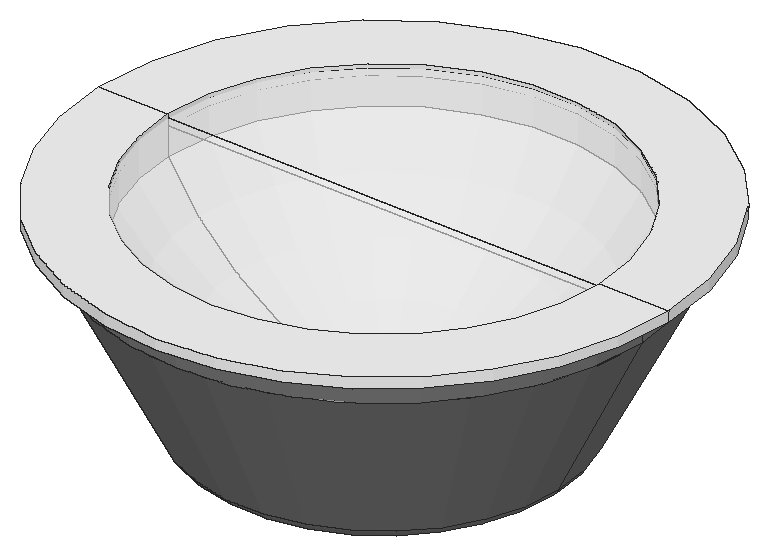
Revit family "30489", category Lighting Fixtures, host Face, Revit 2018
Family settings
  Host = Face
  Round Connector Dimension = Use Diameter
  Part Type = Normal
  OmniClass Number = 23.80.70.00
  OmniClass Title = Lighting
  Cut with Voids When Loaded = No
  Light Source = Yes
  Shared = No
  Room Calculation Point = No
Parameters (values of type "0030489 INSV SLIM UGR19 IP44 SSA01D 205 2350 840")
  WidthBezel_SYL = if(Size1_SYL, 20 mm, if(Size2_SYL, 20 mm, if(Size3PIR_SYL, 30 mm, if(Size4_SYL, 20 mm, 20 mm))))  # 20 mm
  Weight = "n/a"
  Wattage Comments = ""
  Wattage = 9 W
  WarrantyStartDate [instance] = "n/a"
  WarrantyGuarantorParts = "n/a"
  WarrantyDurationUnit = "n/a"
  WarrantyDurationParts = ""
  WarrantyDescription = "http://www.sylvania-lighting.com"
  built-in parameter 1150110 = 1 (stored number, unit not read)
  Voltage = 230 V
  VisibilityPIR_SYL = Size3PIR_SYL  # no
  URL = "0.9"
  TypeName = "INSAVER SLIM UGR19 IP44 SSA01D 205 2500lm 840"
  Type Image = <None>
  Type Comments = "n/a"
  built-in parameter 1114217 = 1 (stored number, unit not read)
  Tilt Angle = -90.00°
  built-in parameter 1150109 = 1 (stored number, unit not read)
  built-in parameter 1150134 = (empty or 0)
  built-in parameter 1150113 = 1 (stored number, unit not read)
  Size4_SYL = no
  Size3PIR_SYL = no
  Size2_SYL = no
  Size1_SYL = yes
  SerialNumber [instance] = "n/a"
  RadiusTop_SYL = 6 mm
  RadiusReflector_SYL = if(Size1_SYL, 85 mm, if(Size2_SYL, 85 mm, if(Size3PIR_SYL, 85 mm, if(Size4_SYL, 100 mm, 120 mm))))  # 85 mm
  Photometric Web File = "0030489.IES"
  Material_3_FEILO = Top-Sylvania-STARTDownlight
  PowerFactor = 0.9
  PowerConsumption = "Lighting"
  NominalLength = 165 mm
  NominalHeight = 50 mm
  NominalDepth = 165 mm
  Name = "INSAVER SLIM UGR19 IP44 SSA01D 205 2500lm 840"
  ModelReference = Name  # "INSAVER SLIM UGR19 IP44 SSA01D 205 2500lm 840"
  ModelNumber = "0030489"
  Model = Name  # "INSAVER SLIM UGR19 IP44 SSA01D 205 2500lm 840"
  Material = "Feilo Sylvania"
  ManufacturerName = "125 lm/W"
  Manufacturer = ""
  LuminousEfficacy = ""
  built-in parameter 1150105 = 83.795 (stored number, unit not read)
  Lumens = 1053 lm
  LuminaireType = "0"
  built-in parameter 1150115 = 1 (stored number, unit not read)
  LightOutputRatio = "LED"
  built-in parameter 1150137 = (empty or 0)
  built-in parameter 1150139 = (empty or 0)
  LampsType = Lamp  # "n/a"
  LampNominalLuminous = "4000 K"
  LampMacAdamStep = "80"
  LampColourTemperature = "LED"
  LampColourRenderingIndex = "16500"
  built-in parameter 1150112 = 1 (stored number, unit not read)
  built-in parameter 1150114 = 1 (stored number, unit not read)
  Lamp = "n/a"
  Keynote = "n/a"
  InstallationDate [instance] = "n/a"
  InputVoltage = "0"
  InputNominalFrequency = "4000"
  built-in parameter 1150132 = (empty or 0)
  built-in parameter 1150102 = (empty or 0)
  built-in parameter 1150107 = 3000 (stored number, unit not read)
  built-in parameter 1150138 = (empty or 0)
  IngressProtection = "IfcLightFixtureType"
  ImpactProtectionIndex = "IfcLightFixtureType"
  built-in parameter 1150106 = 0.83795 (stored number, unit not read)
  IfcExportType = "IfcLightFixtureType"
  IfcExportAs = "Class II"
  Height_SYL = if(Size1_SYL, 61 mm, if(Size2_SYL, 61 mm, if(Size3PIR_SYL, 61 mm, if(Size4_SYL, 61 mm, 60 mm))))  # 61 mm
  HeightBezel_SYL = if(Size1_SYL, 3 mm, if(Size2_SYL, 3 mm, if(Size3PIR_SYL, 3 mm, if(Size4_SYL, 3.2 mm, 3 mm))))  # 3 mm
  ExpectedLife = 50000
  Emit from Circle Diameter = Diameter_SYL - 40 mm  # 125 mm
  Emit Shape Visible in Rendering = no
  ElectricShockClassification = "125"
  built-in parameter 1150104 = 10.87 (stored number, unit not read)
  DurationUnit = "hours"
  DocumentationLiterature = "http://www.sylvania-lighting.com/product/en-int/products/0030489"
  DimmingControlOptions = "n/a"
  Material_2_FEILO = Diffuser-Sylvania-STARTDownlight
  Dimming Lamp Color Temperature Shift = <None>
  Diameter_SYL = if(Size1_SYL, 165 mm, if(Size2_SYL, 190 mm, if(Size3PIR_SYL, 211 mm, if(Size4_SYL, 220 mm, 240 mm))))  # 165 mm
  DiameterTop_SYL = if(Size1_SYL, 98 mm, if(Size2_SYL, 122 mm, if(Size3PIR_SYL, 120 mm, if(Size4_SYL, 135 mm, 158 mm))))  # 98 mm
  DiameterTopBase_SYL = DiameterRecess_SYL  # 150 mm
  DiameterRecess_SYL = if(Size1_SYL, 150 mm, if(Size2_SYL, 170 mm, if(Size3PIR_SYL, 186 mm, if(Size4_SYL, 200 mm, 225 mm))))  # 150 mm
  Description = "Insaver Slim is a ceiling recessed LED downlight (IP44 from the front),Die-cast aluminium body, loop in loop out connector for quick installation, SylSmart Connected SSA, 20W; 2500lm; 125lm/W; 4000K; UGR <19 with shallow product depth 60mm. Meets TP(a) requirements."
  Default Elevation = 1219.2 mm
  CreatedOn = "05/03/2024"
  CreatedBy = "@sylvania-lighting.com"
  Cost = 0
  Color Filter = 16777215
  built-in parameter 1114216 [instance] = (empty or 0)
  ClassificationValue = "EF_70_80"
  ClassificationName = "Uniclass2015"
  Material_1_FEILO = Trim-Sylvania-STARTDownlight-White
  BarCode [instance] = "n/a"
  built-in parameter 1114218 = 1 (stored number, unit not read)
  built-in parameter 1150133 = 10 (stored number, unit not read)
  AssetType = "Fixed"
  AssetIdentifier [instance] = "n/a"
  Assembly Code = "D5020200"
  Apparent Load = 20 VA
  Material_4_FEILO = LED-Sylvania-STARTDownlight
Reference planes
  plane 1 "Center (Front/Back)": y = 0
  plane 2: z = 0
  plane 3 "Center (Left/Right)": x = 0
  plane 4: x = 82.5
  plane 5: x = -82.5
  plane 6: z = 3
  plane 7: z = -8
  plane 8: z = -58
  plane 9: x = -75
  plane 10: x = 75
  plane 11: x = -49
  plane 12: x = 49
  plane 13: z = -85
  plane 14: x = -62.5
  plane 15: z = 2
  plane 16: z = -46
  plane 17: x = -16
  plane 18: x = -67.5
  plane 19: x = -81.5
  plane 20: x = -99.5
  plane 21: x = -76.5
  plane 22: z = 5.5
  plane 23: z = 8.7
  plane 24: x = -75.5
  plane 25: z = 13.7
Forms (mm)
  Revolve 1, void
    sketch origin (0, 0, 0) x (1, 0, 0) y (0, 0, 1)
      loop
        line (0, 0) -> (-75, 0) -> (-75, -85) -> (0, -85) -> (0, 0)
      axis (0, 0) -> (0, -85)
    angle from 360 to 0
  Revolve 2, solid, material "Trim-Sylvania-STARTDownlight-White" <- "Material_1_FEILO"
    sketch origin (0, 0, 0) x (1, 0, 0) y (0, 0, 1)
      loop
        line (-62.5, 3) -> (-82.5, 3) -> (-82.5, 0) -> (-75, 0) -> (-75, -8) -> (-50.681, -54.768)
        arc (-50.681, -54.768) -> (-48.471, -57.129) -> (-45.357, -58) r 6
        line (-45.357, -58) -> (0, -58) -> (0, -46) -> (-16, -46)
        arc (-16, -46) -> (-42.718, -31.243) -> (-62.5, -8) r 85
        line (-62.5, -8) -> (-62.5, 3)
      axis (0, 3) -> (0, -58)
    angle from 360 to 0
  Revolve 3, solid, material "Diffuser-Sylvania-STARTDownlight" <- "Material_2_FEILO"
    sketch origin (0, 0, 0) x (1, 0, 0) y (0, 0, 1)
      loop
        line (-62.5, 0) -> (0, 0) -> (0, 2) -> (-62.5, 2) -> (-62.5, 0)
      axis (0, 2) -> (0, 0)
    angle from 360 to 0
  Revolve 4, solid, material "Trim-Sylvania-STARTDownlight-White" <- "Material_1_FEILO", visible <- "VisibilityPIR_SYL"
    sketch origin (0, 0, 0) x (1, 0, 0) y (0, 0, 1)
      loop
        line (-67.5, 3) -> (-67.5, 13.7)
        arc (-67.5, 13.7) -> (-72.217, 12.347) -> (-75.5, 8.7) r 8.9
        line (-75.5, 8.7) -> (-75.5, 5.5) -> (-76.5, 5.5) -> (-76.5, 3) -> (-67.5, 3)
      axis (-67.5, 13.7) -> (-67.5, 3)
    angle from 360 to 0
Dimensions and locks
  equal spacing: plane 4, plane 3 "Center (Left/Right)", plane 5
  "Diameter_SYL": plane 4 to plane 5
  equal spacing: plane 10, plane 3 "Center (Left/Right)", plane 9
  equal spacing: plane 12, plane 3 "Center (Left/Right)", plane 11
  "DiameterTop_SYL": plane 12 to plane 11
  "HeightBezel_SYL": plane 6 to plane 2
  "Height_SYL": plane 6 to plane 8
  locked: plane 2 to plane 7 at 8
  locked: plane 2 to plane 13 at 85
  "WidthBezel_SYL": plane 14 to plane 5
  locked: plane 6 to plane 15 at 1
  "DiameterRecess_SYL": plane 10 to plane 9
  locked: plane 3 "Center (Left/Right)" to plane 17 at 16
  locked: plane 16 to plane 8 at 12
  locked: plane 18 to plane 21 at 9
  locked: plane 22 to plane 6 at 2.5
  locked: plane 23 to plane 22 at 3.2
  locked: plane 18 to plane 24 at 8
  locked: plane 25 to plane 23 at 5
  locked: plane 25 to Revolve 4 sketch curve at 8.9
  locked: plane 18 to plane 5 at 15
  "RadiusReflector_SYL": radius of Revolve 2 sketch curve
  "RadiusTop_SYL": radius of Revolve 2 sketch curve
  aligned and locked: plane 2 to host face
  aligned and locked: level to host face
  aligned and locked: Revolve 1 sketch curve to plane 3 "Center (Left/Right)"
  aligned and locked: plane 3 "Center (Left/Right)" to Revolve 1 sketch curve
  aligned and locked: Revolve 1 sketch curve to plane 9
  aligned and locked: plane 13 to Revolve 1 sketch curve
  aligned and locked: plane 3 "Center (Left/Right)" to imposter light
  aligned and locked: imposter light to plane 15
  aligned and locked: imposter light to plane 1 "Center (Front/Back)"
  aligned and locked: Revolve 2 sketch curve to plane 3 "Center (Left/Right)"
  aligned and locked: Revolve 2 sketch curve to plane 6
  aligned and locked: Revolve 2 sketch curve to plane 5
  aligned and locked: Revolve 2 sketch curve to level
  aligned and locked: plane 7 to Revolve 2 sketch curve  (x2)
  aligned and locked: Revolve 2 sketch curve to plane 9
  aligned and locked: plane 8 to Revolve 2 sketch curve
  aligned and locked: Revolve 2 sketch curve to plane 14
  aligned and locked: plane 3 "Center (Left/Right)" to Revolve 2 sketch curve
  aligned and locked: Revolve 2 sketch curve to plane 16
  aligned and locked: Revolve 3 sketch curve to plane 3 "Center (Left/Right)"
  aligned and locked: Revolve 3 sketch curve to level
  aligned and locked: imposter light to Revolve 3 sketch curve  (x2)
  aligned and locked: Revolve 4 sketch curve to plane 18  (x2)
  aligned and locked: Revolve 4 sketch curve to plane 6
  aligned and locked: plane 22 to Revolve 4 sketch curve
  aligned and locked: plane 24 to Revolve 4 sketch curve
  aligned and locked: Revolve 4 sketch curve to Revolve 4 sketch curve
  aligned and locked: plane 21 to Revolve 4 sketch curve
Automatic sketch dimensions
  host sketch curve to host sketch curve = 2438.4 mm  (x2)
  plane 13 to Revolve 1 sketch curve = 524.6 mm
  Revolve 1 sketch curve to plane 6 = 2606.058 mm
  Revolve 1 sketch curve to level = 0 mm
  Revolve 2 sketch curve to plane 17 = 0 mm
  Revolve 2 sketch curve to plane 11 = 1.681 mm
  plane 11 to Revolve 2 sketch curve = 3.643 mm
  plane 13 to Revolve 2 sketch curve = 524.6 mm
  Revolve 2 sketch curve to Revolve 2 sketch curve = 2577.983 mm
  Revolve 3 sketch curve to plane 14 = 0 mm
  plane 13 to Revolve 3 sketch curve = 524.6 mm
  Revolve 3 sketch curve to plane 6 = 2606.058 mm
  Revolve 4 sketch curve to plane 23 = 0 mm
  plane 13 to Revolve 4 sketch curve = 524.6 mm
  Revolve 4 sketch curve to Revolve 4 sketch curve = 2595.358 mm
Connectors
  electrical at (0, 0, 0), driven by "Apparent Load", driven by "PowerFactor", driven by "Voltage"
    settings: index 1, voltage 230 V, apparent load 20 VA, apparent load phase1 0 VA, apparent load phase2 0 VA, apparent load phase3 0 VA, power factor 0.9, load classification "Lighting", number of poles 1, system type 30, power factor state 1, is connector primary yes, connector utility no, sub classification motor no, connector description ""
